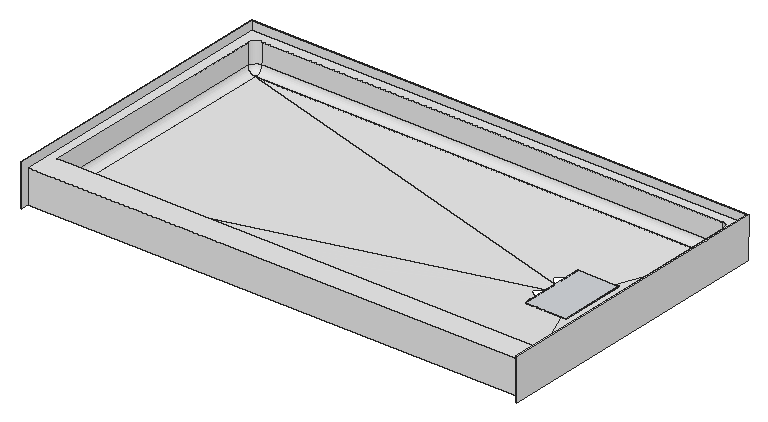
Revit family "P6034SQ.V2 L-R", category Plumbing Fixtures, Revit 2019
Family settings
  Round Connector Dimension = Use Diameter
  Part Type = Normal
  OmniClass Number = 23.45.05.14.17
  OmniClass Title = Showers
  Work Plane-Based = No
  Always vertical = Yes
  Cut with Voids When Loaded = No
  Shared = No
  Room Calculation Point = No
Parameters (values of type "P6034SQ.V2 L/R")
  Unit Width = 60"
  Unit Height = 5"
  Unit Depth = 35"
  URL = "http://www.bestbath.com/"
  Type Comments = "Remodeler"
  Model = "P6034SQ.V2 L/R"
  Material [instance] = Best Bath Gelcoat Fiberglass - Smooth
  Manufacturer = "Best Bath Systems, Inc."
  Keynote = "22 40 00.B3"
  Description = "Shower Pan"
  Assembly Code = "D2010710"
Reference planes (in)
  plane 1 "Back": y = -0.5
  plane 2: z = 0
  plane 3 "Left": x = 0
  plane 4: x = 60
  plane 5: z = 4
  plane 6: z = 5
  plane 7: x = 51.5
  plane 8: y = 33.5
  plane 9: y = 17.5
  plane 10: x = 1.25
  plane 11: x = 58.75
  plane 12: y = 32.25
  plane 13: z = 0.625
  plane 14: z = 0.25
  plane 15: y = -1.5
Forms (in)
  Extrusion 1, solid, material "Best Bath Gelcoat Fiberglass - Smooth"
    sketch origin (0, 0, 0) x (1, 0, 0) y (0, 1, 0)
      loop
        line (0, -0.5) -> (1.25, -0.5) -> (1.25, 31.25)
        arc (1.25, 31.25) -> (1.54289, 31.95711) -> (2.25, 32.25) r 1
        line (2.25, 32.25) -> (57.75, 32.25)
        arc (57.75, 32.25) -> (58.45711, 31.95711) -> (58.75, 31.25) r 1
        line (58.75, 31.25) -> (58.75, -0.5) -> (60, -0.5) -> (60, 33.5) -> (0, 33.5) -> (0, -0.5)
    from 0 to 4
  Extrusion 2, solid, material "Best Bath Gelcoat Fiberglass - Smooth"
    sketch origin (0, 0, 0) x (1, 0, 0) y (0, 1, 0)
      loop
        line (0, -0.5) -> (60, -0.5) -> (60, 33.5) -> (0, 33.5) -> (0, -0.5)
    from 0 to 0.625
  Sweep 3, solid, material "Best Bath Gelcoat Fiberglass - Smooth"
    path origin (0, 0, 0) x (1, 0, 0) y (0, 1, 0)
      loop
        line (58.75, -0.5) -> (58.75, 31.25)
        arc (58.75, 31.25) -> (58.45711, 31.95711) -> (57.75, 32.25) r 1
        line (57.75, 32.25) -> (2.25, 32.25)
        arc (2.25, 32.25) -> (1.54289, 31.95711) -> (1.25, 31.25) r 1
        line (1.25, 31.25) -> (1.25, -0.5)
    profile origin (1.25, 15.375, 0) x (1, 0, 0) y (0, 0, 1)
      loop
        line (0, 0.625) -> (0.9, 0.625)
        arc (0.9, 0.625) -> (0.2636, 0.8886) -> (0, 1.525) r 0.9
        line (0, 1.525) -> (0, 0.625)
  Blend 4, void
    base sketch origin (0, 0, 0) x (1, 0, 0) y (0, 1, 0)
      loop
        line (2.25, 3.5147) -> (57.75, 3.5147) -> (57.75, 31.25) -> (2.25, 31.25) -> (2.25, 3.5147)
    top sketch origin (0, 0, 0) x (1, 0, 0) y (0, 1, 0)
      loop
        circle (51.5, 17.5) r 0.10467
    from 0.625 to 0.25
  Sweep 5, solid, material "Best Bath Gelcoat Fiberglass - Smooth"
    path origin (0, 0, 0) x (1, 0, 0) y (0, 1, 0)
      loop
        line (1.25, -0.5) -> (58.75, -0.5)
    profile origin (30, -0.5, 0) x (0, 1, 0) y (0, 0, 1)
      loop
        line (0, 4) -> (0, 0) -> (4.11592, 0) -> (3.00305, 4) -> (0, 4)
  Extrusion 6, solid, material "Best Bath Gelcoat Fiberglass - Smooth"
    sketch origin (0, 0, 0) x (1, 0, 0) y (0, 1, 0)
      loop
        line (0, -1.5) -> (0.125, -1.5) -> (0.125, 33.375) -> (59.875, 33.375) -> (59.875, -1.5) -> (60, -1.5) -> (60, 33.5) -> (0, 33.5) -> (0, -1.5)
    from 0 to 5
  Extrusion 7, void
    sketch origin (21.5, 6, 0.625) x (0, 1, 0) y (1, 0, 0)
      loop
        line (15.49427, 27.5) -> (15.49427, 32.5) -> (7.49427, 32.5) -> (7.49427, 27.5) -> (15.49427, 27.5)
    from 0 to 0.5
  Extrusion 8, void
    sketch origin (21.5, -4, 0.625) x (0, 1, 0) y (1, 0, 0)
      loop
        circle (21.5, 30) r 1.75
    from 0 to 1.25
  Extrusion 9, solid
    sketch origin (43.25, 2, 0.125) x (0, 1, 0) y (-1, 0, 0)
      loop
        line (19.49427, -5.75) -> (11.49427, -5.75) -> (11.49427, -10.75) -> (19.49427, -10.75) -> (19.49427, -5.75)
    from 0 to 0.25
Cuts and joins
  Blend 4, Extrusion 7, Extrusion 8 cuts Extrusion 1
  Blend 4, Extrusion 7, Extrusion 8 cuts Extrusion 2
  Blend 4, Extrusion 7, Extrusion 8 cuts Sweep 3
  Extrusion 7, Extrusion 8 cuts Sweep 5
  Extrusion 7, Extrusion 8 cuts Extrusion 6
  joined: Extrusion 1, Extrusion 2, Sweep 3, Sweep 5, Extrusion 6
Dimensions and locks (in)
  "Unit Width": plane 3 "Left" to plane 4
  locked: plane 6 to plane 5 at 1
  "Unit Height": plane 6 to level
  locked: plane 8 to plane 12 at 1.25
  locked: plane 11 to plane 4 at 1.25
  locked: plane 3 "Left" to plane 10 at 1.25
  locked: plane 8 to plane 9 at 16
  locked: plane 13 to plane 14 at 0.375
  locked: plane 13 to level at 0.625
  locked: plane 15 to plane 1 "Back" at 1
  "Unit Depth": plane 8 to plane 15
  plane 7 to plane 4 = 8 1/2"
  aligned and locked: level to plane 2
  aligned and locked: Sweep 3 to plane 13
  aligned and locked: Sweep 3 sketch curve to plane 13
  aligned and locked: Extrusion 2 to plane 13
  aligned and locked: plane 9 to Blend 4 sketch curve
  aligned and locked: plane 7 to Blend 4 sketch curve
  aligned and locked: Extrusion 2 to Blend 4
  aligned and locked: Blend 4 to plane 14
  aligned and locked: plane 5 to Extrusion 1
  aligned and locked: plane 5 to Sweep 5
  aligned and locked: plane 6 to Extrusion 6
  aligned and locked: Extrusion 9 to cut or joined group of Extrusion 1, Extrusion 2, Sweep 3, Blend 4, Sweep 5, Extrusion 6, Extrusion 7, Extrusion 8
  aligned and locked: cut or joined group of Extrusion 1, Extrusion 2, Sweep 3, Blend 4, Sweep 5, Extrusion 6, Extrusion 7, Extrusion 8 to Extrusion 9
Automatic sketch dimensions
  plane 1 "Back" to Extrusion 1 sketch curve = 0"  (x2)
  Extrusion 1 sketch curve to plane 3 "Left" = 0"
  Extrusion 1 sketch curve to plane 4 = 0"
  Extrusion 1 sketch curve to plane 8 = 0"
  Extrusion 1 sketch curve to plane 10 = 0"
  Extrusion 1 sketch curve to plane 12 = 0"
  Extrusion 1 sketch curve to plane 11 = 0"
  Extrusion 1 sketch curve to plane 12 = 1"
  plane 10 to Extrusion 1 sketch curve = 1"
  profile plane to Sweep 3 sketch curve = 0"
  Sweep 3 sketch curve to profile plane = 0.9"
  Sweep 3 sketch curve to plane 10 = 0"
  Sweep 3 sketch curve to plane 12 = 0"
  Sweep 3 sketch curve to plane 11 = 0"
  Sweep 3 sketch curve to plane 12 = 1"
  plane 1 "Back" to Sweep 3 sketch curve = 0"  (x2)
  plane 10 to Sweep 3 sketch curve = 1"
  plane 1 "Back" to Sweep 5 sketch curve = 0"
  Sweep 5 sketch curve to plane 10 = 0"
  Sweep 5 sketch curve to plane 11 = 0"
  Sweep 5 sketch curve to profile plane = 0"
  Sweep 5 sketch curve to level = 0"
  Sweep 5 sketch curve to profile plane = 3.00305"
  Sweep 5 sketch curve to profile plane = 4.11592"
  level to Sweep 5 sketch curve = 4"
  plane 10 to Blend 4 sketch curve = 1"
  Blend 4 sketch curve to plane 11 = 1"
  Blend 4 sketch curve to plane 1 "Back" = 4.0147"
  Blend 4 sketch curve to plane 12 = 1"
  Extrusion 6 sketch curve to plane 3 "Left" = 0"
  Extrusion 6 sketch curve to plane 15 = 0"  (x2)
  Extrusion 6 sketch curve to plane 4 = 0"
  Extrusion 6 sketch curve to plane 8 = 0"
  plane 3 "Left" to Extrusion 6 sketch curve = 1/8"
  plane 4 to Extrusion 6 sketch curve = 1/8"
  Extrusion 6 sketch curve to plane 8 = 1/8"
  Extrusion 2 sketch curve to plane 3 "Left" = 0"
  plane 1 "Back" to Extrusion 2 sketch curve = 0"
  Extrusion 2 sketch curve to plane 4 = 0"
  Extrusion 2 sketch curve to plane 8 = 0"
  Extrusion 7 sketch curve to Extrusion 2 = 13.99427"
  Extrusion 7 sketch curve to Extrusion 7 sketch curve = 8"
  Extrusion 7 sketch curve to Extrusion 2 = 6"
  Extrusion 7 sketch curve to Extrusion 7 sketch curve = 5"
  Extrusion 8 sketch curve to Extrusion 2 = 16"
  Extrusion 8 sketch curve to Extrusion 2 = 8 1/2"
  Extrusion 9 sketch curve to Extrusion 7 = 0"  (x2)
  Extrusion 7 to Extrusion 9 sketch curve = 0"  (x2)
  radius of Blend 4 sketch curve = 0.10467"
  radius of Extrusion 8 sketch curve = 1 3/4"
